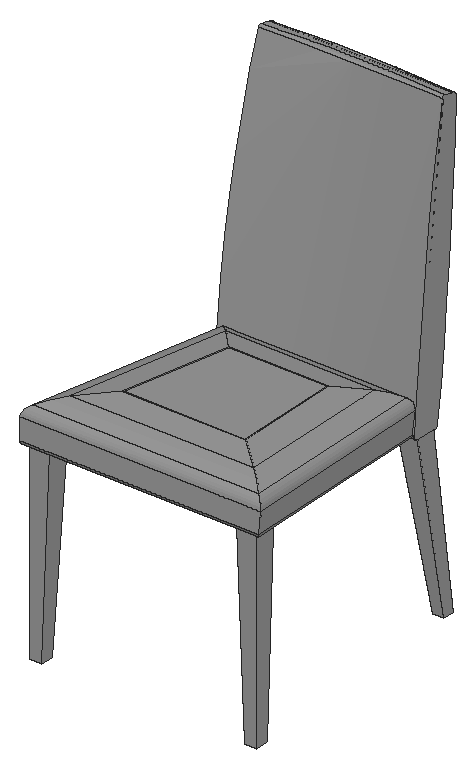
Revit family "Andreu World_Anna_SI1370", category Furniture, Revit 2013
Parameters (values of type "SI-1370")
  Wood = Andreu World Beech
  Width = 470 mm
  Upholstery Material = Andreu World Fabric
  URL = "http://www.andreuworld.com/"
  Seat Height = 460 mm
  Reference = "SI-1370"
  Model = "Anna"
  Manufacturer = "Andreu World"
  Height = 925 mm
  Front Legs Height = 435 mm
  Description = "Chair with upholstered seat and backrest and solid beech wood frame. High back version."
  Depth = 565 mm
  Arms Height = 650 mm
Reference planes
  plane 1 "Center (Front/Back)": y = 0
  plane 2: z = 0
  plane 3 "Center (Left/Right)": x = 0
  plane 4 "Left": x = -235
  plane 5 "Right": x = 235
  plane 6 "Back": y = 282.5
  plane 7 "Front": y = -282.5
  plane 8 "Seat Height": z = 460
  plane 9 "Height": z = 925
  plane 10 "Front Legs Height": z = 435
  plane 11 "Back Legs 01": z = 353.275
  plane 12 "Back Legs Height": z = 895
  plane 13 "Seat Base": through (0, 154.276, 353.275) normal (0, 0.0684, 0.9977)
  plane 14 "Seat Top": through (0, -483.101, 492.171) normal (0, -0.0684, -0.9977)
Forms (mm)
  Blend 1, solid, material "Andreu World Beech" <- "Wood", detail levels medium+fine
    base sketch origin (0, 0, 0) x (1, 0, 0) y (0, 1, 0)
      loop
        line (227.951, -278.297) -> (227.951, -253.297) -> (202.951, -253.297) -> (202.951, -278.297) -> (227.951, -278.297)
    top sketch origin (0, 0, 0) x (1, 0, 0) y (0, 1, 0)
      loop
        line (227.951, -278.297) -> (227.951, -235.297) -> (184.951, -235.297) -> (184.951, -278.297) -> (227.951, -278.297)
    from 0 to 435
  Blend 2, solid, material "Andreu World Beech" <- "Wood", detail levels medium+fine
    base sketch origin (0, 0, 0) x (1, 0, 0) y (0, 1, 0)
      loop
        line (196.335, 251.827) -> (174.335, 251.827) -> (174.335, 229.827) -> (196.335, 229.827) -> (196.335, 251.827)
    top sketch origin (0, 0, 0) x (1, 0, 0) y (0, 1, 0)
      loop
        line (191.448, 206.776) -> (151.448, 206.776) -> (151.448, 166.776) -> (191.448, 166.776) -> (191.448, 206.776)
    from 0 to 353.275
  Blend 3, solid, material "Andreu World Beech" <- "Wood", detail levels medium+fine
    base sketch origin (0, 0, 0) x (-1, 0, 0) y (0, -1, 0)
      loop
        line (227.951, 278.297) -> (202.951, 278.297) -> (202.951, 253.297) -> (227.951, 253.297) -> (227.951, 278.297)
    top sketch origin (0, 0, 0) x (-1, 0, 0) y (0, -1, 0)
      loop
        line (227.951, 278.297) -> (184.951, 278.297) -> (184.951, 235.297) -> (227.951, 235.297) -> (227.951, 278.297)
    from 0 to 435
  Blend 4, solid, material "Andreu World Beech" <- "Wood", detail levels medium+fine
    base sketch origin (0, 0, 0) x (-1, 0, 0) y (0, -1, 0)
      loop
        line (196.335, -251.827) -> (196.335, -229.827) -> (174.335, -229.827) -> (174.335, -251.827) -> (196.335, -251.827)
    top sketch origin (0, 0, 0) x (-1, 0, 0) y (0, -1, 0)
      loop
        line (191.448, -206.776) -> (191.448, -166.776) -> (151.448, -166.776) -> (151.448, -206.776) -> (191.448, -206.776)
    from 0 to 353.275
  Extrusion 5, solid, material "Andreu World Fabric" <- "Upholstery Material", detail levels medium+fine
    sketch origin (0, 24.814, 362.146) x (0, 0.997661, -0.06836) y (-1, 0, 0)
      loop
        line (32.162, 101.99) -> (-204.866, 126.103) -> (-204.866, -120.169) -> (32.162, -96.055) -> (32.162, 101.99)
    from -0.12 to 95
  Sweep 6, solid, material "Andreu World Fabric" <- "Upholstery Material", detail levels medium+fine
    path origin (0, 24.814, 362.146) x (0, 0.997661, -0.06836) y (-1, 0, 0)
      loop
        line (-204.866, 126.103) -> (-204.866, -120.169) -> (32.162, -96.055) -> (32.162, 101.99) -> (-204.866, 126.103)
    profile origin (-2.967, -179.573, 376.151) x (0, 0.997661, -0.06836) y (0, 0.06836, 0.997661)
      loop
        arc (0, 95.057) -> (-27.887, 91.972) -> (-55.299, 85.995) r 268.495
        arc (-55.299, 85.995) -> (-75.105, 78.939) -> (-93.63, 68.993) r 139.838
        arc (-93.63, 68.993) -> (-102.999, 60.15) -> (-106.788, 47.837) r 25.257
        arc (-106.788, 47.837) -> (-106.843, 27.128) -> (-105.324, 6.474) r 272.409
        arc (-105.324, 6.474) -> (-103.641, 1.836) -> (-99.112, -0.12) r 6.223
        line (-99.112, -0.12) -> (0, -0.12) -> (0, 95.057)
  Sweep 7, solid, material "Andreu World Fabric" <- "Upholstery Material", detail levels medium+fine
    path origin (0, 2.567, 925) x (-1, 0, 0) y (0, -1, 0)
      loop
        arc (235, -259.831) -> (0, -273.667) -> (-235, -259.831) r 2002.606
    profile origin (0, 276.235, 925) x (0, 1, 0) y (0, 0, 1)
      loop
        line (-0.733, -1.341) -> (-20.748, 2.245)
        arc (-20.748, 2.245) -> (-24.345, 1.522) -> (-26.48, -1.462) r 5
        arc (-26.48, -1.462) -> (-83.058, -281.928) -> (-113.446, -566.424) r 3089.428
        arc (-113.446, -566.424) -> (-112.095, -570.152) -> (-108.455, -571.725) r 5
        line (-108.455, -571.725) -> (-63.229, -571.725)
        arc (-63.229, -571.725) -> (-59.904, -570.458) -> (-58.263, -567.301) r 5
        line (-58.263, -567.301) -> (6.344, -10.866)
        arc (6.344, -10.866) -> (4.693, -4.702) -> (-0.733, -1.341) r 8.662
  Extrusion 8, void
    sketch origin (0, 0, 0) x (1, 0, 0) y (0, 0, 1)
      loop
        line (-300, 353.275) -> (-200.361, 353.275)
        arc (-200.361, 353.275) -> (-195.855, 667.588) -> (-180, 981.533) r 8701.938
        line (-180, 981.533) -> (-300, 981.533) -> (-300, 353.275)
    from -392.28 to -84.235
  Extrusion 9, void
    sketch origin (0, 0, 0) x (-1, 0, 0) y (0, 0, -1)
      loop
        line (-300, -353.275) -> (-300, -981.533) -> (-180, -981.533)
        arc (-180, -981.533) -> (-195.855, -667.588) -> (-200.361, -353.275) r 8701.938
        line (-200.361, -353.275) -> (-300, -353.275)
    from -392.28 to -84.235
Cuts and joins
  Extrusion 8 cuts Blend 3
  Extrusion 8, Extrusion 9 cuts Sweep 7
Lines and regions (mm)
  model lines, detail levels coarse+medium
    curve 1: line (224.657, -286.673, 0) -> (-224.657, -286.673, 0)
    curve 2: arc (-191.92, 273.918, 0) -> (-0.592, 283.195, 0) -> (190.736, 273.918, 0) r 1977.781
    curve 3: line (-196.335, 229.827, 0) -> (-196.335, 251.827, 0)
    curve 4: line (-174.335, 229.827, 0) -> (-196.335, 229.827, 0)
    curve 5: line (-174.335, 251.827, 0) -> (-174.335, 229.827, 0)
    curve 6: line (174.335, 229.827, 0) -> (174.335, 251.827, 0)
    curve 7: line (196.335, 229.827, 0) -> (174.335, 229.827, 0)
    curve 8: line (196.335, 251.827, 0) -> (196.335, 229.827, 0)
    curve 9: line (174.335, 251.827, 0) -> (196.335, 251.827, 0)
    curve 10: line (202.951, -278.297, 0) -> (227.951, -278.297, 0)
    curve 11: line (202.951, -278.297, 0) -> (202.951, -253.297, 0)
    curve 12: line (202.951, -253.297, 0) -> (227.951, -253.297, 0)
    curve 13: line (227.951, -278.297, 0) -> (227.951, -253.297, 0)
    curve 14: line (-227.951, -253.297, 0) -> (-227.951, -278.297, 0)
    curve 15: line (-227.951, -253.297, 0) -> (-202.951, -253.297, 0)
    curve 16: line (-202.951, -253.297, 0) -> (-202.951, -278.297, 0)
    curve 17: line (-227.951, -278.297, 0) -> (-202.951, -278.297, 0)
    curve 18: arc (224.657, -286.673, 0) -> (232.078, -283.376, 0) -> (234.605, -275.659, 0) r 10
    curve 19: line (-200.953, 128.829, 0) -> (-234.605, -275.659, 0)
    curve 20: arc (-224.657, -286.673, 0) -> (-232.078, -283.376, 0) -> (-234.605, -275.659, 0) r 10
    curve 21: line (-200.953, 128.829, 0) -> (-200.953, 263.965, 0)
    curve 22: line (199.768, 263.965, 0) -> (199.768, 143.067, 0)
    curve 23: line (234.605, -275.659, 0) -> (199.768, 143.067, 0)
    curve 24: arc (-200.953, 163.201, 0) -> (-0.594, 167.664, 0) -> (199.768, 163.327, 0) r 4563.76
    curve 25: arc (-191.92, 273.918, 0) -> (-198.358, 270.686, 0) -> (-200.953, 263.965, 0) r 10
    curve 26: arc (199.768, 263.965, 0) -> (197.174, 270.686, 0) -> (190.736, 273.918, 0) r 10
    curve 27: line (-196.335, 251.827, 0) -> (-174.335, 251.827, 0)
Dimensions and locks
  "Width": plane 4 "Left" to plane 5 "Right"
  equal spacing: plane 4 "Left", plane 3 "Center (Left/Right)", plane 5 "Right"
  "Depth": plane 6 "Back" to plane 7 "Front"
  equal spacing: plane 6 "Back", plane 1 "Center (Front/Back)", plane 7 "Front"
  "Seat Height": plane 8 "Seat Height" to level
  "Height": plane 9 "Height" to level
  "Front Legs Height": plane 10 "Front Legs Height" to level
  locked: plane 9 "Height" to plane 12 "Back Legs Height" at 30
  plane 8 "Seat Height" to plane 10 "Front Legs Height" = 25 mm
  aligned and locked: level to plane 2
  aligned and locked: Blend 1 sketch curve to var sketch  (x2)
  aligned and locked: Blend 1 to level
  aligned and locked: Blend 2 to plane 11 "Back Legs 01"
  aligned and locked: Blend 2 to level
  aligned and locked: Blend 3 sketch curve to var sketch  (x2)
  aligned and locked: Extrusion 5 to plane 14 "Seat Top"
  aligned and locked: Sweep 6 sketch curve to Extrusion 5  (x5)
  aligned and locked: curve 27 to Blend 4
Automatic sketch dimensions
  plane 7 "Front" to Blend 1 sketch curve = 4.203 mm
  Blend 1 sketch curve to plane 5 "Right" = 32.049 mm
  Blend 1 sketch curve to plane 5 "Right" = 7.049 mm
  plane 7 "Front" to Blend 1 sketch curve = 29.203 mm
  Blend 1 sketch curve to plane 5 "Right" = 50.049 mm
  plane 7 "Front" to Blend 1 sketch curve = 47.203 mm
  Blend 2 sketch curve to plane 5 "Right" = 60.665 mm
  Blend 2 sketch curve to plane 6 "Back" = 52.673 mm
  Blend 2 sketch curve to Blend 2 sketch curve = 22 mm  (x2)
  Blend 2 sketch curve to plane 5 "Right" = 83.552 mm
  Blend 2 sketch curve to plane 5 "Right" = 43.552 mm
  Blend 2 sketch curve to plane 6 "Back" = 115.724 mm
  Blend 2 sketch curve to Blend 2 sketch curve = 40 mm
  Blend 3 sketch curve to plane 7 "Front" = 4.203 mm
  Blend 3 sketch curve to plane 4 "Left" = 32.049 mm
  Blend 3 sketch curve to plane 4 "Left" = 7.049 mm
  Blend 3 sketch curve to plane 7 "Front" = 29.203 mm
  Blend 3 sketch curve to plane 4 "Left" = 50.049 mm
  Blend 3 sketch curve to plane 7 "Front" = 47.203 mm
  Blend 4 sketch curve to plane 4 "Left" = 60.665 mm
  plane 6 "Back" to Blend 4 sketch curve = 52.673 mm
  Blend 4 sketch curve to Blend 4 sketch curve = 22 mm  (x2)
  Blend 4 sketch curve to plane 4 "Left" = 83.552 mm
  Blend 4 sketch curve to plane 4 "Left" = 43.552 mm
  plane 6 "Back" to Blend 4 sketch curve = 115.724 mm
  Blend 4 sketch curve to Blend 4 sketch curve = 40 mm
  plane 4 "Left" to Extrusion 5 sketch curve = 108.897 mm
  Extrusion 5 sketch curve to plane 5 "Right" = 114.831 mm
  plane 3 "Center (Left/Right)" to Extrusion 5 sketch curve = 96.055 mm
  Extrusion 5 sketch curve to plane 3 "Center (Left/Right)" = 101.99 mm
  Extrusion 5 sketch curve to Extrusion 5 sketch curve = 237.028 mm
  Sweep 6 sketch curve to plane 13 "Seat Base" = 0.12 mm
  profile plane to Sweep 6 sketch curve = 99.112 mm
  plane 13 "Seat Base" to Sweep 6 sketch curve = 95.057 mm
  Sweep 6 sketch curve to Sweep 6 sketch curve = 7.677 mm
  Sweep 6 sketch curve to Sweep 6 sketch curve = 0 mm  (x2)
  Sweep 6 sketch curve to Sweep 6 sketch curve = 6.212 mm
  Sweep 6 sketch curve to Sweep 6 sketch curve = 13.158 mm
  Sweep 6 sketch curve to Sweep 6 sketch curve = 12.078 mm
  Sweep 6 sketch curve to Sweep 6 sketch curve = 38.331 mm
  profile plane to Sweep 6 sketch curve = 18.407 mm
  Sweep 6 sketch curve to profile plane = 15.535 mm
  plane 13 "Seat Base" to Sweep 6 sketch curve = 36.765 mm
  Sweep 6 sketch curve to profile plane = 165.396 mm
  Sweep 6 sketch curve to plane 13 "Seat Base" = 172.988 mm
  Sweep 7 sketch curve to plane 5 "Right" = 0 mm
  Sweep 7 sketch curve to plane 3 "Center (Left/Right)" = 0 mm
  Sweep 7 sketch curve to plane 4 "Left" = 0 mm
  Sweep 7 sketch curve to plane 6 "Back" = 20.101 mm
  Sweep 7 sketch curve to plane 7 "Front" = 1443.872 mm
  Extrusion 8 sketch curve to plane 11 "Back Legs 01" = 0 mm
  Extrusion 8 sketch curve to plane 4 "Left" = 65 mm
  plane 9 "Height" to Extrusion 8 sketch curve = 56.533 mm
  plane 4 "Left" to Extrusion 8 sketch curve = 34.639 mm
  Extrusion 8 sketch curve to Extrusion 8 sketch curve = 120 mm
  Extrusion 8 sketch curve to plane 11 "Back Legs 01" = 32.446 mm
  Extrusion 9 sketch curve to plane 11 "Back Legs 01" = 0 mm
  Extrusion 9 sketch curve to plane 5 "Right" = 65 mm
  Extrusion 9 sketch curve to plane 9 "Height" = 56.533 mm
  plane 5 "Right" to Extrusion 9 sketch curve = 34.639 mm
  Extrusion 9 sketch curve to Extrusion 9 sketch curve = 120 mm
  plane 11 "Back Legs 01" to Extrusion 9 sketch curve = 32.446 mm
  profile plane to Sweep 7 sketch curve = 108.455 mm
  profile plane to Sweep 7 sketch curve = 63.229 mm
  Sweep 7 sketch curve to plane 9 "Height" = 571.725 mm
  Sweep 7 sketch curve to Sweep 7 sketch curve = 4.967 mm
  plane 9 "Height" to Sweep 7 sketch curve = 2.245 mm
  profile plane to Sweep 7 sketch curve = 20.748 mm
  profile plane to Sweep 7 sketch curve = 0.733 mm
  Sweep 7 sketch curve to profile plane = 6.344 mm
  Sweep 7 sketch curve to Sweep 7 sketch curve = 4.991 mm
  Sweep 7 sketch curve to Sweep 7 sketch curve = 0 mm  (x2)
  Sweep 7 sketch curve to plane 9 "Height" = 1.462 mm
  Sweep 7 sketch curve to Sweep 7 sketch curve = 5.732 mm
  Sweep 7 sketch curve to plane 9 "Height" = 2.677 mm
  profile plane to Sweep 7 sketch curve = 2.26 mm
  Sweep 7 sketch curve to Sweep 7 sketch curve = 4.423 mm
  Sweep 7 sketch curve to plane 9 "Height" = 10.866 mm
  Sweep 7 sketch curve to plane 9 "Height" = 1.341 mm
  plane 4 "Left" to curve 19 = 0.395 mm
  curve 1 to plane 7 "Front" = 4.173 mm
  plane 4 "Left" to curve 17 = 7.049 mm
  curve 14 to curve 1 = 3.294 mm
  plane 7 "Front" to curve 17 = 4.203 mm
  curve 20 to curve 17 = 21.706 mm
  plane 4 "Left" to curve 21 = 34.047 mm
  curve 25 to curve 3 = 4.618 mm
  curve 3 to curve 4 = 22 mm
  curve 6 to plane 5 "Right" = 60.665 mm
  curve 6 to curve 8 = 22 mm
  curve 22 to plane 5 "Right" = 35.232 mm
  plane 7 "Front" to curve 11 = 4.203 mm
  curve 11 to plane 5 "Right" = 32.049 mm
  curve 1 to plane 5 "Right" = 10.343 mm
  curve 13 to plane 5 "Right" = 7.049 mm
  curve 23 to plane 5 "Right" = 0.395 mm
  curve 25 to plane 6 "Back" = 8.582 mm
  curve 25 to curve 25 = 9.033 mm
  curve 2 to curve 25 = 0 mm
  curve 2 to curve 25 = 0.967 mm
  curve 2 to plane 3 "Center (Left/Right)" = 0.592 mm
  plane 3 "Center (Left/Right)" to curve 24 = 0.835 mm
  curve 26 to curve 26 = 10 mm
  curve 26 to curve 2 = 0.967 mm
  plane 7 "Front" to curve 19 = 6.841 mm
  plane 7 "Front" to curve 23 = 6.841 mm
  curve 16 to curve 16 = 25 mm
  curve 10 to curve 12 = 25 mm
  curve 19 to curve 3 = 122.999 mm
  curve 22 to curve 22 = 120.898 mm
  curve 7 to curve 26 = 34.138 mm
  curve 5 to curve 5 = 22 mm
  curve 9 to curve 26 = 12.138 mm
  curve 24 to curve 2 = 2701.509 mm
  curve 19 to curve 24 = 34.372 mm
